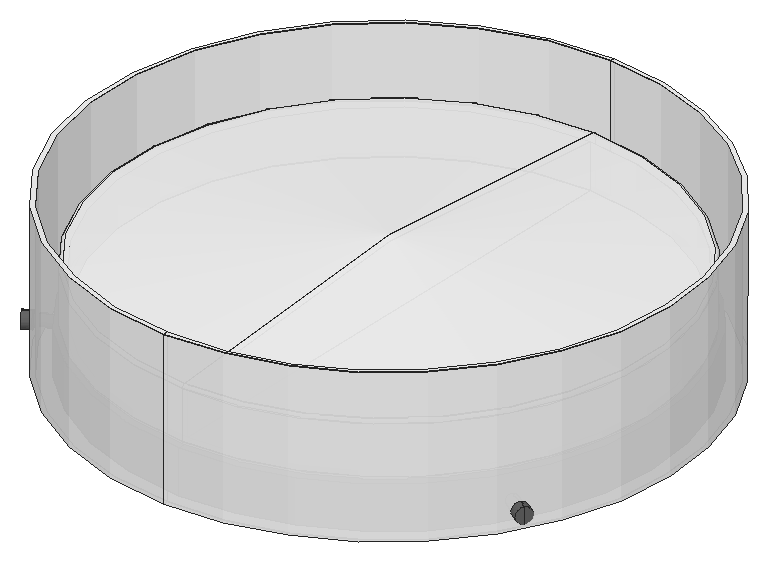
Revit family "AFX-Studio-Flush_Mount-1", category Lighting Fixtures, host Face, Revit 2021
Family settings
  Host = Face
  Round Connector Dimension = Use Diameter
  Part Type = Normal
  Cut with Voids When Loaded = No
  Light Source = Yes
  Shared = No
  Room Calculation Point = No
Parameters (values of type "STDF12LAJD1BK")
  Wattage Comments = "20"
  Wattage = 9.2903 W
  built-in parameter 1150110 = 1 (stored number, unit not read)
  Voltage = 120 V
  URL = "https://www.afxinc.com/"
  Type Comments = "Studio"  # constant formula
  built-in parameter 1114217 = 1 (stored number, unit not read)
  Tilt Angle = -90.00°
  built-in parameter 1150109 = 1 (stored number, unit not read)
  built-in parameter 1150134 = 3
  built-in parameter 1150113 = 1 (stored number, unit not read)
  Screen Finish = AFX - White Acrylic
  Revit Model Built By = ""
  Product Documentation Link = "https://www.afxinc.com/products/productDetail.cfm?productID=2457"
  Power Factor = 1
  Photometric Web File = "STDF12LAJD1SB_3000K.IES"
  built-in parameter 1150142 = "IESNA:LM-63-2002\r\n[TEST] \r\n[TESTLAB] LCTECH 231212110003\r\n[TESTDATE] 2023/12/28\r\n[ISSUEDATE] 2023/12/28\r\n[MANUFAC] 있댐열\r\n[LUMCAT] STDF12LAJD1**\r\n[LUMINAIRE] LED됐??\r\n[LAMPCAT] \r\n[LAMP] \r\n[LumELE] 119.99 0.169 19.98 0.9867\r\nTILT=NONE\r\n1 1274.14 1 37 7 1 2 -0.29 -0.29 0.08\r\n1 1 19.98\r\n0.00 5.00 10.00 15.00 20.00 25.00 30.00 35.00 40.00 45.00 50.00 55.00 60.00 65.00 70.00 75.00 80.00 85.00 90.00 95.00 100.00 105.00 110.00 115.00 120.00 125.00 130.00 135.00 140.00 145.00 150.00 155.00 160.00 165.00 170.00 175.00 180.00\r\n0.00 15.00 30.00 45.00 60.00 75.00 90.00\r\n348.876 347.975 345.27 339.411 330.846 319.127 306.055 289.829 272.25 251.515 228.978 205.089 188.411 150.999 121.25 92.853 66.71 45.074 32.454 28.397 27.946 27.045 26.143 24.791 23.439 22.086 20.283 18.481 16.678 14.875 13.072 10.818 8.564 6.761 5.86 \r\n4.507 1.762\r\n348.876 348.201 345.045 339.41 330.621 319.804 306.056 290.279 275.64 251.516 229.202 204.638 178.494 150.999 121.925 93.528 71.43 44.849 32.453 28.622 27.719 27.27 26.142 24.79 23.439 21.861 20.058 18.255 16.227 14.424 12.621 10.592 8.789 7.212 5.86 \r\n4.732 1.762\r\n348.876 347.974 344.825 338.748 332.001 319.613 305.434 290.128 271.895 251.864 228.907 204.372 178.486 151.026 121.992 93.63 66.622 45.013 32.409 28.807 28.133 27.233 26.332 24.758 23.407 21.832 20.256 18.455 16.655 14.854 12.829 11.028 9.003 7.203 5.852\r\n 4.952 1.762\r\n348.876 348.653 345.724 339.637 331.072 320.03 306.507 290.73 272.699 252.187 229.205 205.538 178.715 151.222 122.372 94.428 67.375 45.294 32.672 29.066 27.941 27.266 26.138 25.013 23.884 22.308 20.505 18.251 16.448 14.421 12.845 10.819 9.015 7.212 5.86 \r\n4.735 1.762\r\n348.876 348.204 345.284 338.989 328.851 319.882 306.171 290.656 272.448 252.215 229.061 204.559 178.925 151.28 122.276 94.408 67.431 45.844 32.587 29.217 28.317 27.418 26.519 25.175 23.821 22.25 20.451 18.653 16.627 14.384 12.585 10.786 8.993 7.421 5.845 \r\n4.496 1.762\r\n348.876 348.206 345.067 339.231 330.493 319.724 306.274 290.355 271.74 251.79 229.365 204.925 178.923 151.116 122.86 93.719 67.252 45.73 32.95 29.141 28.244 27.347 26.229 25.105 23.986 22.192 20.398 18.604 16.589 14.573 12.552 10.758 9.186 7.403 5.831 \r\n4.485 1.762\r\n348.876 347.997 345.361 338.77 330.861 318.998 306.255 290.437 271.543 251.331 228.922 204.756 178.832 151.59 123.029 94.469 67.666 45.697 33.833 29.439 28.121 27.242 26.363 25.485 23.727 21.97 20.212 18.454 16.697 14.939 13.182 11.424 8.788 7.47 5.712 \r\n4.394 1.762\r\n"
  Model = "STDF12LAJD1BK"
  Manufacturer = "AFX Inc"  # constant formula
  built-in parameter 1150105 = 109.82 (stored number, unit not read)
  Lumens = 1380 lm
  built-in parameter 1150115 = 1 (stored number, unit not read)
  built-in parameter 1150137 = (empty or 0)
  built-in parameter 1150139 = (empty or 0)
  built-in parameter 1150112 = 1 (stored number, unit not read)
  built-in parameter 1150114 = 1 (stored number, unit not read)
  Lamp = "LED"
  Keynote = "12500"
  built-in parameter 1150132 = (empty or 0)
  built-in parameter 1150102 = (empty or 0)
  built-in parameter 1150107 = 3200 (stored number, unit not read)
  built-in parameter 1150138 = (empty or 0)
  built-in parameter 1150106 = 1.0982 (stored number, unit not read)
  Emit from Circle Diameter = Diameter - 1"  # 11"
  Emit Shape Visible in Rendering = no
  built-in parameter 1150104 = 13.8 (stored number, unit not read)
  Distance Connector = if(and(Diameter = 12"), 2 5/32", 3 29/32")  # 2 5/32"
  Dimming Lamp Color Temperature Shift = <None>
  Diffuser Finish = AFX - White Acrylic
  Diameter = 12"
  Description = "LED Flush Mount - 12\"Dia x 3 1/4\"D"
  Depth = 3 1/4"
  Default Elevation = 48"
  Connector Finish = AFX - Black Steel
  Colour Rendering Index = "90"
  Color Filter = 16777215
  Canopy Finish = AFX - Black Steel
  built-in parameter 1114218 = 1 (stored number, unit not read)
  built-in parameter 1150133 = 10 (stored number, unit not read)
  Assembly Code = "D5020200"
  Apparent Load = 0 VA
  16inch = Diameter = 15 1/2"  # no
  12inch = Diameter = 12"  # yes
Types (3): name | Wattage Comments | Photometric Web File | built-in parameter 1150142 | Model | Emit from Circle Diameter | Distance Connector | Diameter | Description | 16inch | 12inch
  (no name) | "20" | "STDF12LAJD1SB_3000K.IES" | "IESNA:LM-63-2002\r\n[TEST] \r\n[TESTLAB] LCTECH 231212110003\r\n[TESTDATE] 2023/12/28\r\n[ISSUEDATE] 2023/12/28\r\n[MANUFAC] 있댐열\r\n[LUMCAT] STDF12LAJD1**\r\n[LUMINAIRE] LED됐??\r\n[LAMPCAT] \r\n[LAMP] \r\n[LumELE] 119.99 0.169 19.98 0.9867\r\nTILT=NONE\r\n1 1274.14 1 37 7 1 2 -0.29 -0.29 0.08\r\n1 1 19.98\r\n0.00 5.00 10.00 15.00 20.00 25.00 30.00 35.00 40.00 45.00 50.00 55.00 60.00 65.00 70.00 75.00 80.00 85.00 90.00 95.00 100.00 105.00 110.00 115.00 120.00 125.00 130.00 135.00 140.00 145.00 150.00 155.00 160.00 165.00 170.00 175.00 180.00\r\n0.00 15.00 30.00 45.00 60.00 75.00 90.00\r\n348.876 347.975 345.27 339.411 330.846 319.127 306.055 289.829 272.25 251.515 228.978 205.089 188.411 150.999 121.25 92.853 66.71 45.074 32.454 28.397 27.946 27.045 26.143 24.791 23.439 22.086 20.283 18.481 16.678 14.875 13.072 10.818 8.564 6.761 5.86 \r\n4.507 1.762\r\n348.876 348.201 345.045 339.41 330.621 319.804 306.056 290.279 275.64 251.516 229.202 204.638 178.494 150.999 121.925 93.528 71.43 44.849 32.453 28.622 27.719 27.27 26.142 24.79 23.439 21.861 20.058 18.255 16.227 14.424 12.621 10.592 8.789 7.212 5.86 \r\n4.732 1.762\r\n348.876 347.974 344.825 338.748 332.001 319.613 305.434 290.128 271.895 251.864 228.907 204.372 178.486 151.026 121.992 93.63 66.622 45.013 32.409 28.807 28.133 27.233 26.332 24.758 23.407 21.832 20.256 18.455 16.655 14.854 12.829 11.028 9.003 7.203 5.852\r\n 4.952 1.762\r\n348.876 348.653 345.724 339.637 331.072 320.03 306.507 290.73 272.699 252.187 229.205 205.538 178.715 151.222 122.372 94.428 67.375 45.294 32.672 29.066 27.941 27.266 26.138 25.013 23.884 22.308 20.505 18.251 16.448 14.421 12.845 10.819 9.015 7.212 5.86 \r\n4.735 1.762\r\n348.876 348.204 345.284 338.989 328.851 319.882 306.171 290.656 272.448 252.215 229.061 204.559 178.925 151.28 122.276 94.408 67.431 45.844 32.587 29.217 28.317 27.418 26.519 25.175 23.821 22.25 20.451 18.653 16.627 14.384 12.585 10.786 8.993 7.421 5.845 \r\n4.496 1.762\r\n348.876 348.206 345.067 339.231 330.493 319.724 306.274 290.355 271.74 251.79 229.365 204.925 178.923 151.116 122.86 93.719 67.252 45.73 32.95 29.141 28.244 27.347 26.229 25.105 23.986 22.192 20.398 18.604 16.589 14.573 12.552 10.758 9.186 7.403 5.831 \r\n4.485 1.762\r\n348.876 347.997 345.361 338.77 330.861 318.998 306.255 290.437 271.543 251.331 228.922 204.756 178.832 151.59 123.029 94.469 67.666 45.697 33.833 29.439 28.121 27.242 26.363 25.485 23.727 21.97 20.212 18.454 16.697 14.939 13.182 11.424 8.788 7.47 5.712 \r\n4.394 1.762\r\n" | "STDF12LAJD1BK" | 11" | 2 5/32" | 12" | "LED Flush Mount - 12\"Dia x 3 1/4\"D" | no | yes
  STDF12LAJD1BK | "20" | "STDF12LAJD1SB_3000K.IES" | "IESNA:LM-63-2002\r\n[TEST] \r\n[TESTLAB] LCTECH 231212110003\r\n[TESTDATE] 2023/12/28\r\n[ISSUEDATE] 2023/12/28\r\n[MANUFAC] 있댐열\r\n[LUMCAT] STDF12LAJD1**\r\n[LUMINAIRE] LED됐??\r\n[LAMPCAT] \r\n[LAMP] \r\n[LumELE] 119.99 0.169 19.98 0.9867\r\nTILT=NONE\r\n1 1274.14 1 37 7 1 2 -0.29 -0.29 0.08\r\n1 1 19.98\r\n0.00 5.00 10.00 15.00 20.00 25.00 30.00 35.00 40.00 45.00 50.00 55.00 60.00 65.00 70.00 75.00 80.00 85.00 90.00 95.00 100.00 105.00 110.00 115.00 120.00 125.00 130.00 135.00 140.00 145.00 150.00 155.00 160.00 165.00 170.00 175.00 180.00\r\n0.00 15.00 30.00 45.00 60.00 75.00 90.00\r\n348.876 347.975 345.27 339.411 330.846 319.127 306.055 289.829 272.25 251.515 228.978 205.089 188.411 150.999 121.25 92.853 66.71 45.074 32.454 28.397 27.946 27.045 26.143 24.791 23.439 22.086 20.283 18.481 16.678 14.875 13.072 10.818 8.564 6.761 5.86 \r\n4.507 1.762\r\n348.876 348.201 345.045 339.41 330.621 319.804 306.056 290.279 275.64 251.516 229.202 204.638 178.494 150.999 121.925 93.528 71.43 44.849 32.453 28.622 27.719 27.27 26.142 24.79 23.439 21.861 20.058 18.255 16.227 14.424 12.621 10.592 8.789 7.212 5.86 \r\n4.732 1.762\r\n348.876 347.974 344.825 338.748 332.001 319.613 305.434 290.128 271.895 251.864 228.907 204.372 178.486 151.026 121.992 93.63 66.622 45.013 32.409 28.807 28.133 27.233 26.332 24.758 23.407 21.832 20.256 18.455 16.655 14.854 12.829 11.028 9.003 7.203 5.852\r\n 4.952 1.762\r\n348.876 348.653 345.724 339.637 331.072 320.03 306.507 290.73 272.699 252.187 229.205 205.538 178.715 151.222 122.372 94.428 67.375 45.294 32.672 29.066 27.941 27.266 26.138 25.013 23.884 22.308 20.505 18.251 16.448 14.421 12.845 10.819 9.015 7.212 5.86 \r\n4.735 1.762\r\n348.876 348.204 345.284 338.989 328.851 319.882 306.171 290.656 272.448 252.215 229.061 204.559 178.925 151.28 122.276 94.408 67.431 45.844 32.587 29.217 28.317 27.418 26.519 25.175 23.821 22.25 20.451 18.653 16.627 14.384 12.585 10.786 8.993 7.421 5.845 \r\n4.496 1.762\r\n348.876 348.206 345.067 339.231 330.493 319.724 306.274 290.355 271.74 251.79 229.365 204.925 178.923 151.116 122.86 93.719 67.252 45.73 32.95 29.141 28.244 27.347 26.229 25.105 23.986 22.192 20.398 18.604 16.589 14.573 12.552 10.758 9.186 7.403 5.831 \r\n4.485 1.762\r\n348.876 347.997 345.361 338.77 330.861 318.998 306.255 290.437 271.543 251.331 228.922 204.756 178.832 151.59 123.029 94.469 67.666 45.697 33.833 29.439 28.121 27.242 26.363 25.485 23.727 21.97 20.212 18.454 16.697 14.939 13.182 11.424 8.788 7.47 5.712 \r\n4.394 1.762\r\n" | "STDF12LAJD1BK" | 11" | 2 5/32" | 12" | "LED Flush Mount - 12\"Dia x 3 1/4\"D" | no | yes
  STDF16LAJD1BK | "25" | "STDF16LAJD1PC_3000K.IES" | "IESNA:LM-63-2002\r\n[TEST] \r\n[TESTLAB] LCTECH 231212110004\r\n[TESTDATE] 2023/12/28\r\n[ISSUEDATE] 2023/12/28\r\n[MANUFAC] 있댐열\r\n[LUMCAT] STDF16LAJD1**\r\n[LUMINAIRE] LED됐??\r\n[LAMPCAT] \r\n[LAMP] \r\n[LumELE] 119.98 0.209 24.74 0.9873\r\nTILT=NONE\r\n1 1531.87 1 37 7 1 2 -0.4 -0.4 0.08\r\n1 1 24.74\r\n0.00 5.00 10.00 15.00 20.00 25.00 30.00 35.00 40.00 45.00 50.00 55.00 60.00 65.00 70.00 75.00 80.00 85.00 90.00 95.00 100.00 105.00 110.00 115.00 120.00 125.00 130.00 135.00 140.00 145.00 150.00 155.00 160.00 165.00 170.00 175.00 180.00\r\n0.00 15.00 30.00 45.00 60.00 75.00 90.00\r\n443.936 442.582 438.522 430.852 420.025 404.685 386.188 364.984 340.17 313.101 283.776 251.744 230.991 183.169 147.076 110.533 76.696 47.822 31.581 27.972 27.069 26.167 25.265 23.911 23.009 21.204 18.948 17.144 15.339 14.437 13.083 11.73 10.377 8.572 \r\n6.316 4.512 1.794\r\n443.936 442.808 438.522 431.303 419.573 404.46 386.189 364.308 344.916 312.65 283.774 252.42 218.358 183.395 147.077 110.757 82.999 47.596 31.58 27.52 26.843 26.617 25.49 24.136 22.783 21.204 18.949 17.144 15.339 14.437 12.857 11.73 10.377 8.572 6.767 \r\n4.512 1.794\r\n443.936 443.034 438.303 431.092 421.865 404.274 386.021 364.389 339.60 312.784 283.488 251.715 218.589 182.308 146.475 110.417 76.616 47.773 31.321 27.491 27.264 26.589 25.237 23.885 22.533 20.957 19.154 17.127 15.548 14.423 12.844 11.943 10.59 8.563 \r\n6.534 4.507 1.794\r\n443.936 443.035 438.533 431.105 420.075 404.316 386.305 364.469 339.935 312.915 283.651 252.136 218.366 183.248 146.103 110.536 76.311 47.721 31.512 27.463 27.009 26.562 25.435 24.084 22.733 21.159 19.358 17.334 15.532 14.409 12.831 11.707 10.579 8.555 \r\n6.304 4.503 1.794\r\n443.936 442.81 438.316 430.904 417.173 404.618 386.194 363.952 339.695 312.283 283.305 251.844 217.474 182.877 146.70 110.755 76.153 47.625 31.447 27.407 26.953 26.055 25.383 24.035 22.687 21.338 19.319 17.299 15.946 14.153 12.805 11.684 10.558 8.534 \r\n6.514 4.494 1.794\r\n443.936 442.811 438.781 431.15 419.495 404.252 385.863 364.12 339.452 311.885 283.401 251.784 218.386 182.733 146.189 110.302 76.455 47.523 31.162 27.353 26.898 26.228 25.331 24.207 22.64 21.295 19.28 17.264 15.47 14.125 13.228 11.661 10.53 8.515 6.279 \r\n4.485 1.794\r\n443.936 443.058 438.672 430.776 419.37 404.455 386.031 363.659 339.532 312.334 282.943 251.359 218.459 183.365 146.078 110.545 76.329 46.938 31.146 27.636 26.759 26.32 25.443 24.566 22.811 21.056 19.302 17.547 15.792 14.476 13.16 11.844 10.528 8.773 6.58 \r\n4.825 1.794\r\n" | "STDF16LAJD1BK" | 14 1/2" | 3 29/32" | 15 1/2" | "LED Flush Mount - 15 1/2\"Dia x 3 1/4\"D" | yes | no
Reference planes (in)
  plane 1 "Center (Front/Back)": y = 0
  plane 2: z = 0
  plane 3 "Center (Left/Right)": x = 0
  plane 4: y = 6
  plane 5: y = -6
  plane 6: x = 6
  plane 7: x = -6
  plane 8: z = 3.25
  plane 9: z = 0.90551
Forms (in)
  Revolve 1, solid, material "AFX - White Acrylic" <- "Screen Finish"
    sketch origin (0, 0, 0) x (0, 1, 0) y (0, 0, 1)
      loop
        line (6, 3.25) -> (5.90625, 3.25) -> (5.90625, 0) -> (6, 0) -> (6, 3.25)
      axis (0, 3.25) -> (0, 0)
    angle from 0 to 360
  Revolve 2, solid, material "AFX - Black Steel" <- "Canopy Finish"
    sketch origin (0, 0, 0) x (0, 1, 0) y (0, 0, 1)
      loop
        line (5.6063, 0.90551) -> (0, 0.90551) -> (0, 0) -> (5.6063, 0) -> (5.6063, 0.90551)
      axis (0, 0.90551) -> (0, 0)
    angle from 0 to 360
Lines and regions (in)
  symbolic lines, detail levels medium+fine
    curve 1: arc (0, 6, 0) -> (-6, 0, 0) -> (0, -6, 0) r 6
    curve 2: arc (0, 5.90625, 0) -> (-5.90625, 0, 0) -> (0, -5.90625, 0) r 5.90625
    curve 3: arc (0, -6, 0) -> (6, 0, 0) -> (0, 6, 0) r 6
    curve 4: arc (0, -5.90625, 0) -> (5.90625, 0, 0) -> (0, 5.90625, 0) r 5.90625
    curve 5: arc (0, -5.6063, 0) -> (5.6063, 0, 0) -> (0, 5.6063, 0) r 5.6063
    curve 6: arc (0, 5.6063, 0) -> (-5.6063, 0, 0) -> (0, -5.6063, 0) r 5.6063
Dimensions and locks (in)
  equal spacing: plane 7, plane 3 "Center (Left/Right)", plane 6
  equal spacing: plane 4, plane 1 "Center (Front/Back)", plane 5
  "Diameter": plane 4 to plane 5
  "Diameter": plane 7 to plane 6
  "Depth": plane 8 to plane 2
  locked: plane 4 to Revolve 1 sketch curve at 0.09375
  locked: plane 4 to Revolve 2 sketch curve at 0.3937
  locked: plane 2 to Revolve 2 sketch curve at 0.90551
  locked: plane 9 to plane 2 at 0.90551
  locked: imposter light to plane 9 at 0.90551
  "Distance Connector": radius of radial array
  aligned and locked: plane 2 to host face
  aligned and locked: Revolve 1 sketch curve to plane 4
  aligned and locked: Revolve 1 sketch curve to plane 8
  aligned and locked: plane 2 to Revolve 1 sketch curve
  aligned and locked: Revolve 2 sketch curve to plane 1 "Center (Front/Back)"
  aligned and locked: plane 1 "Center (Front/Back)" to Revolve 2 sketch curve
  aligned and locked: Revolve 2 sketch curve to plane 2
  aligned and locked: plane 1 "Center (Front/Back)" to nested 1
  aligned and locked: plane 3 "Center (Left/Right)" to nested 1
  aligned and locked: imposter light to plane 1 "Center (Front/Back)"
  aligned and locked: plane 3 "Center (Left/Right)" to imposter light
  aligned and locked: curve 1 to Revolve 1
  aligned and locked: curve 2 to Revolve 1
  aligned and locked: curve 3 to Revolve 1
  aligned and locked: curve 4 to Revolve 1
  aligned and locked: curve 5 to Revolve 2
  aligned and locked: curve 6 to Revolve 2
Automatic sketch dimensions
  host sketch curve to host sketch curve = 96"  (x2)
  Revolve 1 sketch curve to plane 1 "Center (Front/Back)" = 0"
  Revolve 1 sketch curve to plane 2 = 2 1/2"
  plane 8 to Revolve 1 sketch curve = 2 1/4"
  Revolve 2 sketch curve to Revolve 2 sketch curve = 2 1/4"
  plane 8 to Revolve 2 sketch curve = 2 1/2"
Nested families (in)
  nested 1: "Diffuser" at (0, 0, -0.01969), 12inch <- "12inch", 16inch <- "16inch", Diffuser Finish <- "Diffuser Finish", type "Diffuser"
    with Diffuser Finish AFX - White Acrylic, 16inch no, 12inch yes
  nested 2: "Connector" at (0, -1.87918, 0), Connector Finish <- "Connector Finish", type "Connector"
    with Connector Finish AFX - Black Steel
  nested 3: "Connector" at (-1.62742, 0.93959, 0) x (-0.5, -0.866, 0) z (0, 0, 1), Connector Finish <- "Connector Finish", type "Connector"
    with Connector Finish AFX - Black Steel
  nested 4: "Connector" at (1.62742, 0.93959, 0) x (-0.5, 0.866, 0) z (0, 0, 1), Connector Finish <- "Connector Finish", type "Connector"
    with Connector Finish AFX - Black Steel
Connectors (in)
  electrical at (0, 0, 0), driven by "Voltage", driven by "Apparent Load", driven by "Power Factor"
    settings: on Revolve 2, index 1, voltage 120 V, apparent load 0 VA, apparent load phase1 0 VA, apparent load phase2 0 VA, apparent load phase3 0 VA, power factor 1, load classification "Lighting", number of poles 1, system type 31, power factor state 1, is connector primary yes, connector utility no, sub classification motor no, connector description ""
Definition of nested family "Diffuser"
  Parameters (values of type "Diffuser")
    Diffuser Finish [instance] = none
    Default Elevation = 0"
    16inch [instance] = yes
    12inch [instance] = yes
  Reference planes (in)
    plane 1 "Center (Front/Back)": y = 0
    plane 2: z = 0
    plane 3 "Center (Left/Right)": x = 0
    plane 4: z = 0.9252
  Forms (in)
    Revolve 1, solid, material <- "Diffuser Finish", visible <- "12inch"
      sketch origin (0, 0, 0) x (0, 1, 0) y (0, 0, 1)
        loop
          line (5.51181, 1.00332) -> (5.51181, 2.01164)
          arc (5.51181, 2.01164) -> (5.49331, 2.06212) -> (5.44656, 2.0887) r 0.07813
          arc (5.44656, 2.0887) -> (2.73263, 2.42738) -> (0, 2.54054) r 33.05262
          line (0, 2.54054) -> (0, 2.39991)
          arc (0, 2.39991) -> (2.69464, 2.28942) -> (5.37119, 1.95867) r 32.912
          line (5.37119, 1.95867) -> (5.37119, 1.01895) -> (0, 1.01895) -> (0, 0.9252) -> (5.43369, 0.9252)
          arc (5.43369, 0.9252) -> (5.48893, 0.94808) -> (5.51181, 1.00332) r 0.07813
        axis (0, 2.54054) -> (0, 0.9252)
      angle from 0 to 360
    Revolve 2, solid, material <- "Diffuser Finish", visible <- "16inch"
      sketch origin (0, 0, 0) x (0, 1, 0) y (0, 0, 1)
        loop
          line (6.88976, 1.00332) -> (6.88976, 1.90433)
          arc (6.88976, 1.90433) -> (6.85956, 1.98581) -> (6.78355, 2.02791) r 0.125
          arc (6.78355, 2.02791) -> (3.40145, 2.4122) -> (0, 2.54054) r 45.13954
          line (0, 2.54054) -> (0, 2.44679)
          arc (0, 2.44679) -> (3.38413, 2.31949) -> (6.74914, 1.93831) r 45.04579
          line (6.74914, 1.93831) -> (6.74914, 1.01895) -> (0, 1.01895) -> (0, 0.9252) -> (6.81164, 0.9252)
          arc (6.81164, 0.9252) -> (6.86688, 0.94808) -> (6.88976, 1.00332) r 0.07813
        axis (0, 2.54054) -> (0, 0.9252)
      angle from 0 to 360
  Dimensions and locks (in)
    aligned and locked: plane 2 to level
Definition of nested family "Connector"
  Parameters (values of type "Connector")
    Default Elevation = 0"
    Connector Finish [instance] = none
  Reference planes (in)
    plane 1 "Center (Front/Back)": y = 0
    plane 2: z = 0
    plane 3 "Center (Left/Right)": x = 0
  Forms (in)
    Revolve 1, solid, material <- "Connector Finish"
      sketch origin (0, 0, 0) x (0, 1, 0) y (0, 0, 1)
        loop
          line (8.07087, 0.56102) -> (7.87402, 0.56102) -> (7.87402, 0.51181) -> (6.88976, 0.51181) -> (6.88976, 0.47244) -> (6.69291, 0.47244) -> (6.69291, 0.3937) -> (8.07087, 0.3937) -> (8.07087, 0.56102)
        axis (6.69291, 0.3937) -> (8.07087, 0.3937)
      angle from 0 to 360
  Dimensions and locks (in)
    aligned and locked: plane 2 to level
